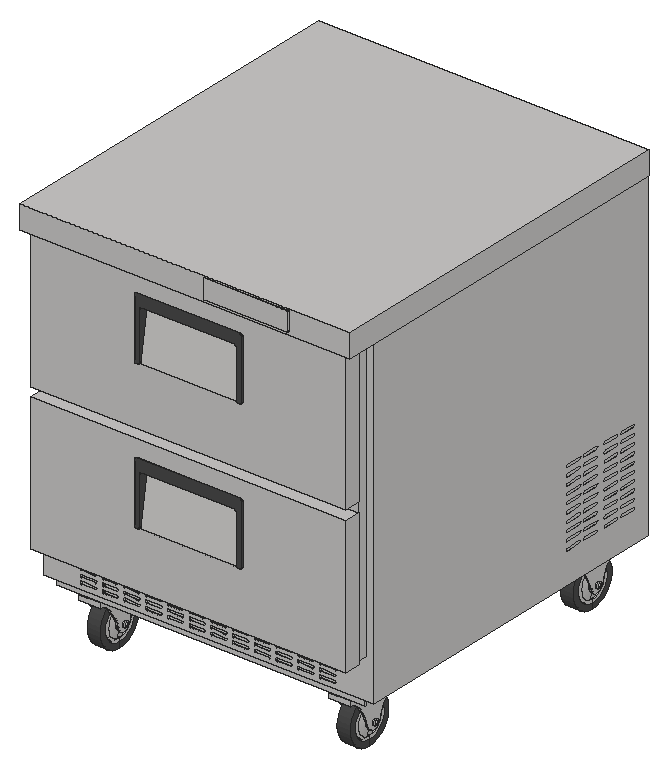
Revit family "QF_EVEREST_ETBR1-D2", category Specialty Equipment, Revit 2015 (continued)
Definition of nested family "2.5 INCHES & 5 INCHES 01_CASTER"
  Forms (mm)
    Revolve 6, solid, visible <- "Show 2 1/2 Inches Caster"
      sketch origin (-49.224, 3.777, -25.504) x (1, 0, 0) y (0, 0, 1)
        loop
          line (18.81, 48.92) -> (18.81, 47.002) -> (20.08, 45.732) -> (21.604, 45.732) -> (21.604, 42.682) -> (31.369, 42.682) -> (31.369, 40.972) -> (35.223, 38.747) -> (35.568, 36.617) -> (34.131, 36.617) -> (34.131, 33.442) -> (34.925, 33.442) -> (34.925, 25.504) -> (63.103, 25.504) -> (63.103, 33.442) -> (63.897, 33.442) -> (63.897, 36.617) -> (62.461, 36.617) -> (62.82, 38.836) -> (66.659, 41.052) -> (66.659, 42.682) -> (77.218, 42.682) -> (77.218, 45.732) -> (78.742, 45.732) -> (80.012, 47.002) -> (80.012, 48.92) -> (18.81, 48.92)
        axis (18.81, 48.92) -> (80.012, 48.92)
      angle from 0 to 360
    Extrusion 7, solid, visible <- "Show 2 1/2 Inches Caster"
      sketch origin (-49.224, 28.283, -82.654) x (0, 1, 0) y (0, 0, 1)
        loop
          line (-16.331, 137.98) -> (-16.331, 141.046) -> (-56.209, 141.046) -> (-56.209, 134.689) -> (-46.219, 134.689)
          arc (-46.219, 134.689) -> (-28.864, 132.28) -> (-11.779, 128.391) r 203.903
          arc (-11.779, 128.391) -> (-4.956, 125.849) -> (1.305, 122.131) r 40.653
          line (1.305, 122.131) -> (3.229, 124.795)
          arc (3.229, 124.795) -> (-1.843, 128.62) -> (-7.378, 131.735) r 47.633
          line (-7.378, 131.735) -> (-5.649, 134.728)
          arc (-5.649, 134.728) -> (-10.865, 136.763) -> (-16.331, 137.98) r 36.65
      from 29.809 to 68.639
    Revolve 8, solid, visible <- "Show 2 1/2 Inches Caster"
      sketch origin (0, 36.045, -95.25) x (0, 1, 0) y (0, 0, 1)
        loop
          line (-44.16, 159.25) -> (-44.16, 153.642) -> (-26.871, 153.642) -> (-26.871, 159.25) -> (-44.16, 159.25)
        axis (-44.16, 153.642) -> (-44.16, 159.25)
      angle from 0 to 360
    Extrusion 9, solid, visible <- "Show 2 1/2 Inches Caster"
      sketch origin (-50.414, 28.283, -44.554) x (0, 1, 0) y (0, 0, 1)
        loop
          line (-56.209, 102.946) -> (-56.209, 96.589) -> (-54.356, 96.589)
          arc (-54.356, 96.589) -> (-41.244, 89.382) -> (-35.367, 75.623) r 22.934
          arc (-35.367, 75.623) -> (-34.578, 70.653) -> (-32.951, 65.891) r 29.308
          arc (-32.951, 65.891) -> (-24.08, 60.288) -> (-15.547, 66.395) r 9.398
          arc (-15.547, 66.395) -> (-15.145, 67.625) -> (-14.845, 68.885) r 15.67
          arc (-14.845, 68.885) -> (-9.178, 79.163) -> (1.425, 84.197) r 19.13
          line (1.425, 84.197) -> (3.229, 86.695)
          arc (3.229, 86.695) -> (-1.843, 90.52) -> (-7.378, 93.635) r 47.633
          line (-7.378, 93.635) -> (-5.649, 96.628)
          arc (-5.649, 96.628) -> (-10.865, 98.663) -> (-16.331, 99.88) r 36.65
          line (-16.331, 99.88) -> (-16.331, 102.946) -> (-56.209, 102.946)
      from 69.829 to 73.87
    Extrusion 10, solid, visible <- "Show 2 1/2 Inches Caster"
      sketch origin (50.414, 28.283, -44.554) x (0, 1, 0) y (0, 0, -1)
        loop
          line (-56.209, -102.946) -> (-16.331, -102.946) -> (-16.331, -99.88)
          arc (-16.331, -99.88) -> (-10.865, -98.663) -> (-5.649, -96.628) r 36.65
          line (-5.649, -96.628) -> (-7.378, -93.635)
          arc (-7.378, -93.635) -> (-1.843, -90.52) -> (3.229, -86.695) r 47.633
          line (3.229, -86.695) -> (1.425, -84.197)
          arc (1.425, -84.197) -> (-9.178, -79.163) -> (-14.845, -68.885) r 19.13
          arc (-14.845, -68.885) -> (-15.145, -67.625) -> (-15.547, -66.395) r 15.67
          arc (-15.547, -66.395) -> (-24.08, -60.288) -> (-32.951, -65.891) r 9.398
          arc (-32.951, -65.891) -> (-34.578, -70.653) -> (-35.367, -75.623) r 29.308
          arc (-35.367, -75.623) -> (-41.244, -89.382) -> (-54.356, -96.589) r 22.934
          line (-54.356, -96.589) -> (-56.209, -96.589) -> (-56.209, -102.946)
      from 69.829 to 73.87
  Cuts and joins
    joined: Extrusion 2, Extrusion 4, Extrusion 5
  Lines and regions (mm)
    symbolic lines, visible <- "Show 5" Casters"
      curve 1: line (13.783, 56.222, 0) -> (38.186, 42.133, 0)
      curve 2: line (-37.017, -31.766, 0) -> (-17.967, 1.23, 0)
      curve 3: line (-12.614, -45.855, 0) -> (-37.017, -31.766, 0)
      curve 4: line (38.186, 42.133, 0) -> (19.136, 9.138, 0)
      curve 5: line (-5.267, 23.227, 0) -> (13.783, 56.222, 0)
      curve 6: line (6.436, -12.859, 0) -> (-12.614, -45.855, 0)
    symbolic lines, visible <- "Show 2 1/2 Inches Caster"
      curve 7: line (2.705, 32.305, 0) -> (20.56, 21.997, 0)
      curve 8: line (-22.695, -11.689, 0) -> (2.705, 32.305, 0)
      curve 9: line (-4.84, -21.997, 0) -> (-22.695, -11.689, 0)
      curve 10: line (20.56, 21.997, 0) -> (-4.84, -21.997, 0)
  Dimensions and locks
    plane 4 "TOP" to level = 125 mm  (x2)
    aligned and locked: level to plane 1
